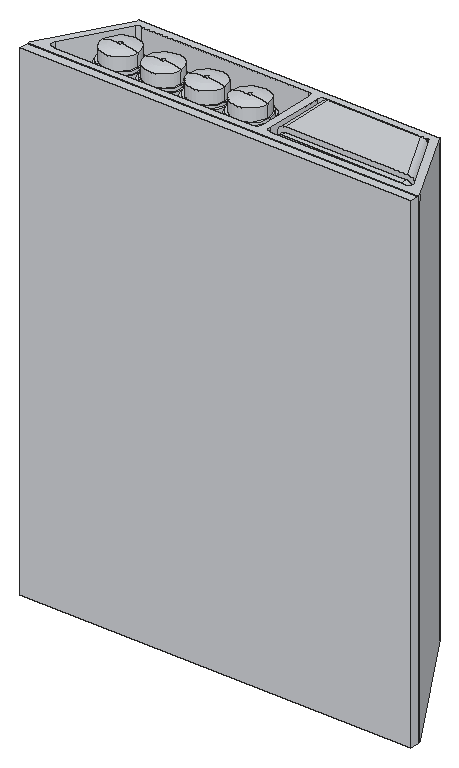
Revit family "Mood Pocket", category Generic Models, Revit 2017
Family settings
  Can host rebar = No
  Round Connector Dimension = Use Diameter
  Part Type = Normal
  Work Plane-Based = No
  Always vertical = Yes
  Cut with Voids When Loaded = No
  Shared = No
  Room Calculation Point = No
Parameters
  Plastic = none
  Glass = none
  Aluminium = none
Reference planes
  plane 1 "Center (Front/Back)": y = 0
  plane 2: z = 0
  plane 3 "Center (Left/Right)": x = 0
  plane 4: y = 36.2
  plane 5: x = -11.386
  plane 6: z = 193.487
  plane 7: x = -28.993
  plane 8: z = 193.487
  plane 9: x = -46.6
  plane 10: z = 193.487
  plane 11: x = -64.206
  plane 12: z = 193.487
  plane 13: y = -4
  plane 14: through (-79.383, 1.11, 1200) normal (-0.8741, 0.4857, 0)
  plane 15: x = 79.469
Forms (mm)
  Extrusion 1, solid, material <- "Aluminium"
    sketch origin (0, 0, 0) x (1, 0, 0) y (0, 1, 0)
      loop
        arc (-79.383, 1.11) -> (-79.374, 0.368) -> (-78.73, 0) r 0.747
        line (-78.73, 0) -> (78.727, 0)
        arc (78.727, 0) -> (79.366, 0.365) -> (79.375, 1.101) r 0.741
        line (79.375, 1.101) -> (61.341, 33.579)
        arc (61.341, 33.579) -> (61.043, 33.885) -> (60.632, 33.997) r 0.812
        line (60.632, 33.997) -> (-60.624, 33.997)
        arc (-60.624, 33.997) -> (-61.042, 33.883) -> (-61.345, 33.573) r 0.825
        line (-61.345, 33.573) -> (-79.383, 1.11)
      loop
        arc (-58.169, 31) -> (-59.183, 30.724) -> (-59.917, 29.971) r 2
        line (-59.917, 29.971) -> (-73.251, 5.971)
        arc (-73.251, 5.971) -> (-73.226, 3.986) -> (-71.502, 3) r 2
        line (-71.502, 3) -> (9.901, 3)
        arc (9.901, 3) -> (11.316, 3.586) -> (11.901, 5) r 2
        line (11.901, 5) -> (11.901, 29)
        arc (11.901, 29) -> (11.316, 30.414) -> (9.901, 31) r 2
        line (9.901, 31) -> (-58.169, 31)
      loop
        line (73.25, 5.972) -> (59.908, 29.972)
        arc (59.908, 29.972) -> (59.174, 30.724) -> (58.16, 31) r 2
        line (58.16, 31) -> (16.901, 31)
        arc (16.901, 31) -> (15.487, 30.414) -> (14.901, 29) r 2
        line (14.901, 29) -> (14.901, 5)
        arc (14.901, 5) -> (15.487, 3.586) -> (16.901, 3) r 2
        line (16.901, 3) -> (71.502, 3)
        arc (71.502, 3) -> (73.226, 3.986) -> (73.25, 5.972) r 2
    from 0 to 199.5
  Extrusion 2, solid, material <- "Aluminium"
    sketch origin (0, 0, 0) x (1, 0, 0) y (0, 1, 0)
      loop
        line (-46.111, 33.997) -> (-40.072, 33.997) -> (-38.32, 36.8) -> (-46.111, 36.8) -> (-46.111, 33.997)
    from 0 to 184.5
  Extrusion 3, solid, material <- "Aluminium"
    sketch origin (0, 0, 0) x (1, 0, 0) y (0, 1, 0)
      loop
        line (-7.5, 35.7) -> (-7.5, 33.997) -> (7.5, 33.997) -> (7.5, 35.7) -> (-7.5, 35.7)
    from 0 to 184.5
  Extrusion 4, solid, material <- "Aluminium"
    sketch origin (0, 0, 0) x (1, 0, 0) y (0, 1, 0)
      loop
        line (46.111, 33.997) -> (46.111, 36.8) -> (38.32, 36.8) -> (40.072, 33.997) -> (46.111, 33.997)
    from 0 to 184.5
  Extrusion 5, void
    sketch origin (0, 0, 0) x (0, 1, 0) y (0, 0, 1)
      loop
        line (36, 18) -> (-4, -2) -> (38.488, -2) -> (38.488, 18) -> (36, 18)
    from -96.195 to 98.202
  Blend 6, void
    base sketch origin (141.142, 31, 1200) x (1, 0, 0) y (0, 0, 1)
      loop
        circle (-89.031, -1154.5) r 2.5
    top sketch origin (142.81, 33.997, 1200) x (-1, 0, 0) y (0, 0, 1)
      loop
        circle (90.699, -1154.5) r 4.5
    from 0 to 0
  Blend 7, void
    base sketch origin (36.92, 31, 1219) x (1, 0, 0) y (0, 0, 1)
      loop
        circle (-89.031, -1154.5) r 2.5
    top sketch origin (38.588, 33.997, 1219) x (-1, 0, 0) y (0, 0, 1)
      loop
        circle (90.699, -1154.5) r 4.5
    from 0 to 0
  Extrusion 8, solid, material <- "Plastic"
    sketch origin (0, 0, 0) x (1, 0, 0) y (0, 1, 0)
      loop
        line (37.812, 37.6) -> (-37.812, 37.6) -> (-39.994, 34.1) -> (-32, 34.1) -> (-32, 35.1) -> (-8, 35.1) -> (-8, 36.2) -> (8, 36.2) -> (8, 35.1) -> (32, 35.1) -> (32, 34.1) -> (39.973, 34.143) -> (37.812, 37.6)
    from 18 to 139
  Extrusion 9, void
    sketch origin (0, 0, 0) x (1, 0, 0) y (0, 0, 1)
      loop
        circle (25.012, 28) r 2.5
    from -48.519 to -37.1
  Extrusion 10, void
    sketch origin (-50.024, 0, 0) x (1, 0, 0) y (0, 0, 1)
      loop
        circle (25.012, 28) r 2.5
    from -48.519 to -37.1
  Extrusion 11, void
    sketch origin (-50.024, 0, 101) x (1, 0, 0) y (0, 0, 1)
      loop
        circle (25.012, 28) r 2.5
    from -48.519 to -37.1
  Extrusion 12, void
    sketch origin (0, 0, 101) x (1, 0, 0) y (0, 0, 1)
      loop
        circle (25.012, 28) r 2.5
    from -48.519 to -37.1
  Blend 13, void
    base sketch origin (-46.111, 37.1, 1200) x (1, 0, 0) y (0, 0, 1)
      loop
        circle (71.123, -1172) r 2.5
    top sketch origin (32, 35.1, 1200) x (-1, 0, 0) y (0, 0, 1)
      loop
        circle (6.988, -1172) r 4.5
    from 0 to 0
  Blend 14, void
    base sketch origin (-96.135, 37.1, 1200) x (1, 0, 0) y (0, 0, 1)
      loop
        circle (71.123, -1172) r 2.5
    top sketch origin (-18.024, 35.1, 1200) x (-1, 0, 0) y (0, 0, 1)
      loop
        circle (6.988, -1172) r 4.5
    from 0 to 0
  Blend 15, void
    base sketch origin (-96.135, 37.1, 1301) x (1, 0, 0) y (0, 0, 1)
      loop
        circle (71.123, -1172) r 2.5
    top sketch origin (-18.024, 35.1, 1301) x (-1, 0, 0) y (0, 0, 1)
      loop
        circle (6.988, -1172) r 4.5
    from 0 to 0
  Blend 16, void
    base sketch origin (-46.111, 37.1, 1301) x (1, 0, 0) y (0, 0, 1)
      loop
        circle (71.123, -1172) r 2.5
    top sketch origin (32, 35.1, 1301) x (-1, 0, 0) y (0, 0, 1)
      loop
        circle (6.988, -1172) r 4.5
    from 0 to 0
  Extrusion 17, void
    sketch origin (32, 35.1, 1200) x (1, 0, 0) y (0, 0, 1)
      loop
        arc (-29, -1160) -> (-32, -1157) -> (-35, -1160) r 3
        line (-35, -1160) -> (-35, -1164.5) -> (-29, -1164.5) -> (-29, -1160)
    from -2.5 to -1.1
  Extrusion 18, solid, material <- "Plastic"
    sketch origin (34.088, 33.997, 1200) x (-1, 0, 0) y (0, 0, 1)
      loop
        arc (-33.479, -1002.5) -> (-34.893, -1003.086) -> (-35.479, -1004.5) r 2
        line (-35.479, -1004.5) -> (-35.479, -1125.5)
        arc (-35.479, -1125.5) -> (-34.893, -1126.914) -> (-33.479, -1127.5) r 2
        line (-33.479, -1127.5) -> (15.521, -1127.5)
        arc (15.521, -1127.5) -> (16.935, -1126.914) -> (17.521, -1125.5) r 2
        line (17.521, -1125.5) -> (17.521, -1004.5)
        arc (17.521, -1004.5) -> (16.935, -1003.086) -> (15.521, -1002.5) r 2
        line (15.521, -1002.5) -> (-33.479, -1002.5)
    from -27.268 to -24.997
  Blend 19, solid, material <- "Plastic"
    base sketch origin (7.213, 9, 1200) x (-1, 0, 0) y (0, 0, 1)
      loop
        line (-11.189, -1000.5) -> (-60.854, -1000.5)
        arc (-60.854, -1000.5) -> (-63.329, -1001.525) -> (-64.354, -1004) r 3.5
        line (-64.354, -1004) -> (-64.354, -1126.012)
        arc (-64.354, -1126.012) -> (-63.333, -1128.478) -> (-60.867, -1129.5) r 3.488
        line (-60.867, -1129.5) -> (-11.189, -1129.5)
        arc (-11.189, -1129.5) -> (-8.714, -1128.475) -> (-7.689, -1126) r 3.5
        line (-7.689, -1126) -> (-7.689, -1004)
        arc (-7.689, -1004) -> (-8.714, -1001.525) -> (-11.189, -1000.5) r 3.5
    top sketch origin (55.029, 31, 1200) x (-1, 0, 0) y (0, 0, 1)
      loop
        arc (-0.808, -1000.5) -> (-3.283, -1001.525) -> (-4.308, -1004) r 3.5
        line (-4.308, -1004) -> (-4.308, -1126)
        arc (-4.308, -1126) -> (-3.283, -1128.475) -> (-0.808, -1129.5) r 3.5
        line (-0.808, -1129.5) -> (36.627, -1129.5)
        arc (36.627, -1129.5) -> (39.102, -1128.475) -> (40.127, -1126) r 3.5
        line (40.127, -1126) -> (40.127, -1004)
        arc (40.127, -1004) -> (39.102, -1001.525) -> (36.627, -1000.5) r 3.5
        line (36.627, -1000.5) -> (-0.808, -1000.5)
    from 0 to 0
  Revolve 20, solid, material <- "Plastic"
    sketch origin (11.901, 17, 1200) x (1, 0, 0) y (0, 0, 1)
      loop
        line (-15.312, -1000.5) -> (-15.312, -999.49)
        arc (-15.312, -999.49) -> (-18.524, -999.776) -> (-21.661, -1000.522) r 22.286
        line (-21.661, -1000.522) -> (-21.661, -1005.474) -> (-22.485, -1005.474) -> (-22.485, -1006.513) -> (-23.288, -1006.513) -> (-23.288, -1128.433)
        arc (-23.288, -1128.433) -> (-22.986, -1129.014) -> (-22.337, -1129.1) r 0.709
        line (-22.337, -1129.1) -> (-22.337, -1097.86) -> (-19.008, -1097.86) -> (-19.008, -1129.113)
        arc (-19.008, -1129.113) -> (-17.625, -1131.001) -> (-15.491, -1131.961) r 4.592
        line (-15.491, -1131.961) -> (-15.491, -1131.113) -> (-14.485, -1131.113) -> (-14.485, -1000.5) -> (-15.312, -1000.5)
      axis (-14.485, -999.49) -> (-14.485, -1131.961)
    angle from 0 to 360
  Revolve 21, solid, material <- "Plastic"
    sketch origin (-5.705, 17, 1200) x (1, 0, 0) y (0, 0, 1)
      loop
        line (-15.312, -1000.5) -> (-15.312, -999.49)
        arc (-15.312, -999.49) -> (-18.524, -999.776) -> (-21.661, -1000.522) r 22.286
        line (-21.661, -1000.522) -> (-21.661, -1005.474) -> (-22.485, -1005.474) -> (-22.485, -1006.513) -> (-23.288, -1006.513) -> (-23.288, -1128.433)
        arc (-23.288, -1128.433) -> (-22.986, -1129.014) -> (-22.337, -1129.1) r 0.709
        line (-22.337, -1129.1) -> (-22.337, -1097.86) -> (-19.008, -1097.86) -> (-19.008, -1129.113)
        arc (-19.008, -1129.113) -> (-17.625, -1131.001) -> (-15.491, -1131.961) r 4.592
        line (-15.491, -1131.961) -> (-15.491, -1131.113) -> (-14.485, -1131.113) -> (-14.485, -1000.5) -> (-15.312, -1000.5)
      axis (-14.485, -999.49) -> (-14.485, -1131.961)
    angle from 0 to 360
  Revolve 22, solid, material <- "Plastic"
    sketch origin (-23.312, 17, 1200) x (1, 0, 0) y (0, 0, 1)
      loop
        line (-15.312, -1000.5) -> (-15.312, -999.49)
        arc (-15.312, -999.49) -> (-18.524, -999.776) -> (-21.661, -1000.522) r 22.286
        line (-21.661, -1000.522) -> (-21.661, -1005.474) -> (-22.485, -1005.474) -> (-22.485, -1006.513) -> (-23.288, -1006.513) -> (-23.288, -1128.433)
        arc (-23.288, -1128.433) -> (-22.986, -1129.014) -> (-22.337, -1129.1) r 0.709
        line (-22.337, -1129.1) -> (-22.337, -1097.86) -> (-19.008, -1097.86) -> (-19.008, -1129.113)
        arc (-19.008, -1129.113) -> (-17.625, -1131.001) -> (-15.491, -1131.961) r 4.592
        line (-15.491, -1131.961) -> (-15.491, -1131.113) -> (-14.485, -1131.113) -> (-14.485, -1000.5) -> (-15.312, -1000.5)
      axis (-14.485, -999.49) -> (-14.485, -1131.961)
    angle from 0 to 360
  Revolve 23, solid, material <- "Plastic"
    sketch origin (-40.918, 17, 1200) x (1, 0, 0) y (0, 0, 1)
      loop
        line (-15.312, -1000.5) -> (-15.312, -999.49)
        arc (-15.312, -999.49) -> (-18.524, -999.776) -> (-21.661, -1000.522) r 22.286
        line (-21.661, -1000.522) -> (-21.661, -1005.474) -> (-22.485, -1005.474) -> (-22.485, -1006.513) -> (-23.288, -1006.513) -> (-23.288, -1128.433)
        arc (-23.288, -1128.433) -> (-22.986, -1129.014) -> (-22.337, -1129.1) r 0.709
        line (-22.337, -1129.1) -> (-22.337, -1097.86) -> (-19.008, -1097.86) -> (-19.008, -1129.113)
        arc (-19.008, -1129.113) -> (-17.625, -1131.001) -> (-15.491, -1131.961) r 4.592
        line (-15.491, -1131.961) -> (-15.491, -1131.113) -> (-14.485, -1131.113) -> (-14.485, -1000.5) -> (-15.312, -1000.5)
      axis (-14.485, -999.49) -> (-14.485, -1131.961)
    angle from 0 to 360
  Extrusion 24, solid, material <- "Plastic"
    sketch origin (-105.914, -1524, 58.039) x (-1, 0, 0) y (0, -1, 0)
      loop
        arc (-32.663, -1529.971) -> (-32.688, -1527.986) -> (-34.412, -1527) r 2
        line (-34.412, -1527) -> (-115.816, -1527)
        arc (-115.816, -1527) -> (-117.23, -1527.586) -> (-117.816, -1529) r 2
        line (-117.816, -1529) -> (-117.816, -1553)
        arc (-117.816, -1553) -> (-117.23, -1554.414) -> (-115.816, -1555) r 2
        line (-115.816, -1555) -> (-47.745, -1555)
        arc (-47.745, -1555) -> (-46.731, -1554.724) -> (-45.997, -1553.971) r 2
        line (-45.997, -1553.971) -> (-32.663, -1529.971)
    from 0 to 10
  Extrusion 25, void
    sketch origin (-105.914, -1524, 58.039) x (0, -1, 0) y (-1, 0, 0)
      loop
        line (-1553, -47.745) -> (-1553, -115.816) -> (-1529, -115.816) -> (-1529, -34.412) -> (-1553, -47.745)
    from -8 to 0
  Extrusion 26, solid, material <- "Plastic"
    sketch origin (11.901, 17, 1200) x (1, 0, 0) y (0, 0, 1)
      loop
        line (-68.371, -1133.961) -> (-68.371, -1136.961)
        arc (-68.371, -1136.961) -> (-63.871, -1141.461) -> (-59.371, -1136.961) r 4.5
        line (-59.371, -1136.961) -> (-59.371, -1133.961) -> (-68.371, -1133.961)
    from -12 to 12
  Extrusion 27, solid, material <- "Plastic"
    sketch origin (63.272, 17, 1200) x (1, 0, 0) y (0, 0, 1)
      loop
        line (-68.371, -1133.961) -> (-68.371, -1136.961)
        arc (-68.371, -1136.961) -> (-63.871, -1141.461) -> (-59.371, -1136.961) r 4.5
        line (-59.371, -1136.961) -> (-59.371, -1133.961) -> (-68.371, -1133.961)
    from -12 to 12
  Extrusion 28, solid, material <- "Plastic"
    sketch origin (-105.914, -1524, 58.039) x (-1, 0, 0) y (0, -1, 0)
      loop
        line (-122.816, -1545) -> (-160.816, -1545) -> (-160.816, -1555) -> (-122.816, -1555) -> (-122.816, -1545)
    from -32.539 to 7.461
  Extrusion 29, solid, material <- "Glass"
    sketch origin (11.901, 17, 1200) x (1, 0, 0) y (0, 0, 1)
      loop
        line (-91.379, -1000.5) -> (-91.379, -1200) -> (67.567, -1200) -> (67.567, -1000.5) -> (-91.379, -1000.5)
    from 17 to 21
Cuts and joins
  Extrusion 5, Blend 6, Blend 7, Extrusion 9, Blend 13, Extrusion 17 cuts Extrusion 1
  Extrusion 5, Blend 7, Extrusion 9, Blend 13, Extrusion 17 cuts Extrusion 2
  Extrusion 5, Blend 7, Extrusion 9, Blend 13, Extrusion 17 cuts Extrusion 3
  Extrusion 5, Blend 7, Extrusion 9, Blend 13, Extrusion 17 cuts Extrusion 4
  joined: Extrusion 1, Extrusion 2, Extrusion 3, Extrusion 4
  Extrusion 9, Extrusion 10, Extrusion 11, Extrusion 12, Blend 13, Blend 14, Blend 15, Blend 16, Extrusion 17 cuts Extrusion 8
  Extrusion 25 cuts Extrusion 24
Dimensions and locks
  aligned and locked: level to plane 2
